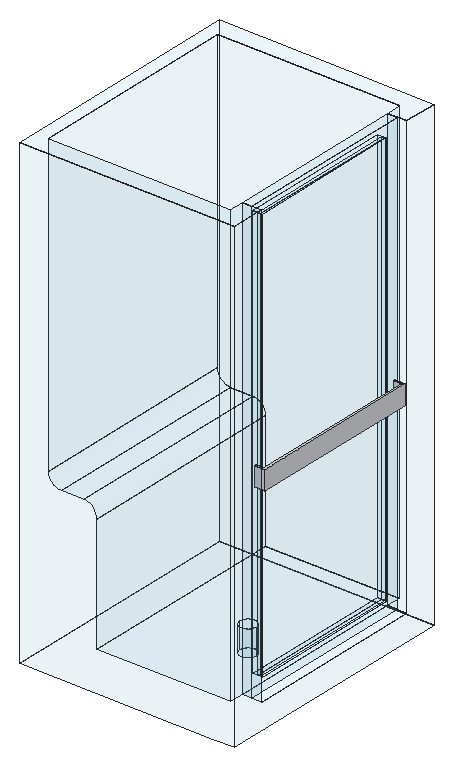
Revit family "M_淋浴隔間帶座椅 - 矩形", category 衛工裝置, Revit 2014
Parameters (values of type "980 mmx850 mm - 公用")
  WFU = 2
  淋浴間寬度 = 980 mm
  淋浴隔間材料 = 玻璃
  淋浴間長度 = 840 mm
  淋浴間高度 = 1829 mm
  衛生設施半徑 = 25 mm
  衛生設施直徑 = 2 * 衛生設施半徑  # 50 mm
  熱水半徑 = 7.5 mm
  熱水直徑 = 2 * 熱水半徑  # 15 mm
  把手高度 = 914 mm
  門寬度的一半 = 1 / 2 * 門寬度  # 355.5 mm
  HWFU = 3
  流動壓力 [instance] = 55158.0 Pa
  門寬度 = 711 mm
  門材料 = 玻璃
  門把手材料 = none
  冷水半徑 = 7.5 mm
  冷水直徑 = 2 * 冷水半徑  # 15 mm
  CWFU = 3
Types (2, lengths in mm): name | 淋浴間長度
  980 mmx850 mm - 公用 | 840
  980 mmx700 mm - 公用 | 700
Reference planes
  plane 1 "中心 (前/後)": y = 0
  plane 2: z = 0
  plane 3 "中心 (左/右)": x = 0
  plane 4: x = 840
  plane 5: y = 980
  plane 6: z = 1829
  plane 7: x = 50.8
  plane 8: y = 903.8
  plane 9: y = 76.2
  plane 10: z = 101.6
  plane 11: x = 801.9
  plane 12: x = 763.8
  plane 13: z = 1778.2
  plane 14: z = 152.4
  plane 15: y = 490
  plane 16: y = 845.5
  plane 17: y = 134.5
  plane 18: y = 185.3
  plane 19: y = 794.7
  plane 20: x = 795.55
  plane 21: x = 782.85
  plane 22: z = 914
  plane 23: z = 837.8
  plane 24: y = 832.8
  plane 25: y = 147.2
  plane 26: y = 826.45
  plane 27: x = 833.65
  plane 28: y = 153.55
  plane 29: x = 502.55
  plane 30: x = 241.3
  plane 31: z = 609.6
  plane 32: x = 477.15
  plane 33: x = 527.95
  plane 34: z = 914.4
  plane 35: y = 604.3
  plane 36: y = 375.7
Forms (mm)
  Extrusion 1, solid, material "玻璃" <- "淋浴隔間材料"
    sketch origin (0, 0, 0) x (1, 0, 0) y (0, 1, 0)
      loop
        line (0, 980) -> (0, 0) -> (840, 0) -> (840, 980) -> (0, 980)
    from 0 to 1829
  Extrusion 2, void
    sketch origin (0, 0, 0) x (1, 0, 0) y (0, 1, 0)
      loop
        line (50.8, 903.8) -> (50.8, 76.2) -> (840, 76.2) -> (840, 903.8) -> (50.8, 903.8)
    from 101.6 to 1829
  Extrusion 3, solid, material "玻璃" <- "淋浴隔間材料"
    sketch origin (0, 0, 0) x (1, 0, 0) y (0, 1, 0)
      loop
        line (763.8, 980) -> (763.8, 845.5) -> (840, 845.5) -> (840, 980) -> (763.8, 980)
      loop
        line (763.8, 134.5) -> (763.8, 0) -> (840, 0) -> (840, 134.5) -> (763.8, 134.5)
    from 0 to 1829
  Extrusion 4, solid, material "玻璃" <- "淋浴隔間材料"
    sketch origin (0, 0, 0) x (0, 1, 0) y (0, 0, 1)
      loop
        line (134.5, 1829) -> (134.5, 101.6) -> (845.5, 101.6) -> (845.5, 1829) -> (134.5, 1829)
      loop
        line (185.3, 1778.2) -> (185.3, 152.4) -> (794.7, 152.4) -> (794.7, 1778.2) -> (185.3, 1778.2)
    from 763.8 to 801.9
  Extrusion 5, solid, material "玻璃" <- "門材料"
    sketch origin (0, 0, 0) x (1, 0, 0) y (0, 1, 0)
      loop
        line (795.55, 794.7) -> (782.85, 794.7) -> (782.85, 185.3) -> (795.55, 185.3) -> (795.55, 794.7)
    from 152.4 to 1778.2
  Extrusion 6, solid, material <- "門把手材料"
    sketch origin (0, 0, 0) x (1, 0, 0) y (0, 1, 0)
      loop
        line (801.9, 832.8) -> (801.9, 826.45) -> (833.65, 826.45) -> (833.65, 153.55) -> (801.9, 153.55) -> (801.9, 147.2) -> (840, 147.2) -> (840, 832.8) -> (801.9, 832.8)
    from 837.8 to 914
  Extrusion 7, solid, material "玻璃" <- "淋浴隔間材料"
    sketch origin (0, 0, 0) x (1, 0, 0) y (0, 1, 0)
      loop
        circle (502.55, 490) r 31.75
    from 0 to 101.6
  Extrusion 8, solid, material "玻璃" <- "淋浴隔間材料"
    sketch origin (0, 0, 0) x (1, 0, 0) y (0, 0, 1)
      loop
        arc (101.6, 609.6) -> (65.679, 624.479) -> (50.8, 660.4) r 50.8
        line (50.8, 660.4) -> (50.8, 837.8) -> (0, 837.8) -> (0, 101.6) -> (241.3, 101.6) -> (241.3, 558.8)
        arc (241.3, 558.8) -> (226.421, 594.721) -> (190.5, 609.6) r 50.8
        line (190.5, 609.6) -> (101.6, 609.6)
    from -903.8 to -76.2
  Extrusion 9, solid, material "玻璃" <- "淋浴隔間材料"
    sketch origin (0, 0, 0) x (0, 1, 0) y (0, 0, 1)
      loop
        circle (604.3, 914.4) r 25.4
      loop
        circle (375.7, 914.4) r 25.4
    from 0 to 50.8
Cuts and joins
  Extrusion 2 cuts Extrusion 1
  joined: Extrusion 1, Extrusion 3, Extrusion 8, Extrusion 9
Lines and regions (mm)
  reference lines
    curve 1: line (241.3, 903.8, 0) -> (763.8, 76.2, 0)
    curve 4: line (763.8, 903.8, 0) -> (241.3, 76.2, 0)
  symbolic lines
    curve 2: line (241.3, 903.8, 0) -> (477.15, 530.232, 0)
    curve 3: line (527.95, 449.768, 0) -> (763.8, 76.2, 0)
    curve 5: line (527.95, 530.232, 0) -> (763.8, 903.8, 0)
    curve 6: line (241.3, 76.2, 0) -> (477.15, 449.768, 0)
Dimensions and locks
  "淋浴間寬度": plane 5 to plane 1 "中心 (前/後)"
  "淋浴間長度": plane 4 to plane 3 "中心 (左/右)"
  "淋浴間高度": plane 2 to plane 6
  locked: plane 5 to plane 8 at 76.2
  locked: plane 3 "中心 (左/右)" to plane 7 at 50.8
  locked: plane 9 to plane 1 "中心 (前/後)" at 76.2
  locked: plane 10 to plane 2 at 101.6
  locked: plane 12 to plane 11 at 38.1
  locked: plane 13 to plane 6 at 50.8
  locked: plane 14 to plane 10 at 50.8
  locked: plane 12 to plane 4 at 76.2
  equal spacing: plane 5, plane 15, plane 1 "中心 (前/後)"
  "門寬度的一半": plane 16 to plane 15
  "門寬度的一半": plane 15 to plane 17
  locked: plane 17 to plane 18 at 50.8
  locked: plane 19 to plane 16 at 50.8
  locked: plane 20 to plane 11 at 6.35
  locked: plane 21 to plane 20 at 12.7
  "把手高度": plane 22 to plane 2
  locked: plane 22 to plane 23 at 76.2
  locked: plane 16 to plane 24 at 12.7
  locked: plane 25 to plane 17 at 12.7
  locked: plane 28 to plane 25 at 6.35
  locked: plane 24 to plane 26 at 6.35
  locked: plane 27 to plane 4 at 6.35
  locked: plane 7 to plane 30 at 190.5
  locked: plane 31 to plane 2 at 609.6
  equal spacing: plane 30, plane 29, plane 12
  plane 32 to plane 29 to plane 33 = 25.4 mm locked, 25.4 mm locked
  locked: plane 34 to plane 2 at 914.4
  plane 35 to plane 15 to plane 36 = 114.3 mm locked, 114.3 mm locked
  radius of Extrusion 7 sketch curve = 31.75 mm
  aligned and locked: plane 3 "中心 (左/右)" to Extrusion 1 sketch curve
  aligned and locked: Extrusion 1 sketch curve to plane 5
  aligned and locked: plane 1 "中心 (前/後)" to Extrusion 1 sketch curve
  aligned and locked: Extrusion 1 sketch curve to plane 4
  aligned and locked: Extrusion 1 to plane 2
  aligned and locked: Extrusion 1 to plane 6
  aligned and locked: plane 7 to Extrusion 2 sketch curve
  aligned and locked: Extrusion 2 sketch curve to plane 8
  aligned and locked: plane 9 to Extrusion 2 sketch curve
  aligned and locked: Extrusion 2 sketch curve to plane 4
  aligned and locked: Extrusion 2 to plane 6
  aligned and locked: Extrusion 2 to plane 10
  aligned and locked: plane 12 to Extrusion 3 sketch curve  (x2)
  aligned and locked: Extrusion 3 sketch curve to plane 5
  aligned and locked: plane 16 to Extrusion 3 sketch curve
  aligned and locked: Extrusion 3 sketch curve to plane 4
  aligned and locked: Extrusion 3 sketch curve to plane 17
  aligned and locked: cut or joined group of Extrusion 1, Extrusion 2, Extrusion 3, Extrusion 8, Extrusion 9 to Extrusion 3 sketch curve
  aligned and locked: Extrusion 3 sketch curve to cut or joined group of Extrusion 1, Extrusion 2, Extrusion 3, Extrusion 8, Extrusion 9
  aligned and locked: Extrusion 3 to plane 2
  aligned and locked: Extrusion 3 to plane 6
  aligned and locked: cut or joined group of Extrusion 1, Extrusion 2, Extrusion 3, Extrusion 8, Extrusion 9 to Extrusion 4 sketch curve
  aligned and locked: Extrusion 4 sketch curve to cut or joined group of Extrusion 1, Extrusion 2, Extrusion 3, Extrusion 8, Extrusion 9  (x3)
  aligned and locked: plane 18 to Extrusion 4 sketch curve
  aligned and locked: plane 13 to Extrusion 4 sketch curve
  aligned and locked: plane 14 to Extrusion 4 sketch curve
  aligned and locked: Extrusion 4 sketch curve to plane 19
  aligned and locked: Extrusion 4 to plane 12
  aligned and locked: plane 11 to Extrusion 4
  aligned and locked: plane 19 to Extrusion 5 sketch curve
  aligned and locked: plane 20 to Extrusion 5 sketch curve
  aligned and locked: Extrusion 5 sketch curve to plane 21
  aligned and locked: Extrusion 5 sketch curve to plane 18
  aligned and locked: Extrusion 5 to plane 13
  aligned and locked: Extrusion 5 to plane 14
  aligned and locked: plane 11 to Extrusion 6 sketch curve
  aligned and locked: Extrusion 6 sketch curve to plane 24
  aligned and locked: plane 25 to Extrusion 6 sketch curve
  aligned and locked: Extrusion 6 sketch curve to plane 4
  aligned and locked: plane 27 to Extrusion 6 sketch curve
  aligned and locked: plane 26 to Extrusion 6 sketch curve
  aligned and locked: Extrusion 6 sketch curve to plane 28
  aligned and locked: Extrusion 4 to Extrusion 6 sketch curve  (x2)
  aligned and locked: plane 22 to Extrusion 6
  aligned and locked: Extrusion 6 to plane 23
  aligned and locked: plane 15 to Extrusion 7 sketch curve
  aligned and locked: plane 29 to Extrusion 7 sketch curve
  aligned and locked: Extrusion 7 to plane 2
  aligned and locked: plane 10 to Extrusion 7
  aligned and locked: Extrusion 8 sketch curve to plane 31
  aligned and locked: plane 10 to Extrusion 8 sketch curve
  aligned and locked: Extrusion 8 sketch curve to plane 30
  aligned and locked: plane 3 "中心 (左/右)" to Extrusion 8 sketch curve
  aligned and locked: plane 23 to Extrusion 8 sketch curve
  aligned and locked: plane 7 to Extrusion 8 sketch curve
  aligned and locked: plane 8 to Extrusion 8
  aligned and locked: Extrusion 8 to plane 9
  aligned and locked: plane 8 to curve 1
  aligned and locked: plane 30 to curve 1
  aligned and locked: plane 9 to curve 1
  aligned and locked: plane 12 to curve 1
  aligned and locked: curve 1 to curve 2
  aligned and locked: plane 30 to curve 2
  aligned and locked: plane 32 to curve 2
  aligned and locked: curve 1 to curve 3
  aligned and locked: curve 3 to plane 33
  aligned and locked: plane 12 to curve 3
  aligned and locked: plane 8 to curve 4
  aligned and locked: plane 12 to curve 4
  aligned and locked: plane 9 to curve 4
  aligned and locked: plane 30 to curve 4
  aligned and locked: curve 5 to curve 4
  aligned and locked: plane 33 to curve 5
  aligned and locked: plane 8 to curve 5
  aligned and locked: curve 6 to curve 4
  aligned and locked: curve 6 to plane 32
  aligned and locked: plane 30 to curve 6
  aligned and locked: plane 34 to Extrusion 9 sketch curve  (x2)
  aligned and locked: plane 35 to Extrusion 9 sketch curve
  aligned and locked: plane 36 to Extrusion 9 sketch curve
  aligned and locked: Extrusion 9 to plane 3 "中心 (左/右)"
  aligned and locked: plane 7 to Extrusion 9
Automatic sketch dimensions
  plane 7 to Extrusion 8 sketch curve = 50.8 mm
  Extrusion 8 sketch curve to Extrusion 8 sketch curve = 50.8 mm
  radius of Extrusion 9 sketch curve = 25.4 mm  (x2)
Connectors
  piping at (502.55, 490, 0), diameter 50, driven by "WFU", driven by "衛生設施半徑"
    settings: on Extrusion 7, index 1, connector inside diameter 50 mm, connector length 0 mm, flow factor 0, pipe flow 0.0 L/s, pressure drop 0.0 Pa, fitting loss kfactor 0, connector angle 0.00°, fixture units 2, engagement length 0 mm, angle of deflection 0.00°, flow configuration 3, flow direction 2, fitting loss method 0, system type 16, joint type 0, gender type 0, connector reference index -1, connector utility 0, adjustable connector no, is connector primary no, connector description "外"
  piping at (0, 604.3, 914.4), diameter 15, driven by "CWFU", driven by "冷水半徑", driven by "流動壓力"
    settings: on Extrusion 9, index 2, connector inside diameter 15 mm, connector length 0 mm, flow factor 0, pipe flow 0.0 L/s, pressure drop 55158.0 Pa, fitting loss kfactor 0, connector angle 0.00°, fixture units 3, engagement length 0 mm, angle of deflection 0.00°, flow configuration 3, flow direction 1, fitting loss method 4, system type 20, joint type 0, gender type 0, connector reference index -1, connector utility 0, adjustable connector no, is connector primary yes, connector description "于"
  piping at (0, 375.7, 914.4), diameter 15, driven by "HWFU", driven by "流動壓力", driven by "熱水半徑"
    settings: on Extrusion 9, index 3, connector inside diameter 15 mm, connector length 0 mm, flow factor 0, pipe flow 0.0 L/s, pressure drop 55158.0 Pa, fitting loss kfactor 0, connector angle 0.00°, fixture units 3, engagement length 0 mm, angle of deflection 0.00°, flow configuration 3, flow direction 1, fitting loss method 4, system type 19, joint type 0, gender type 0, connector reference index -1, connector utility 0, adjustable connector no, is connector primary no, connector description "于"
